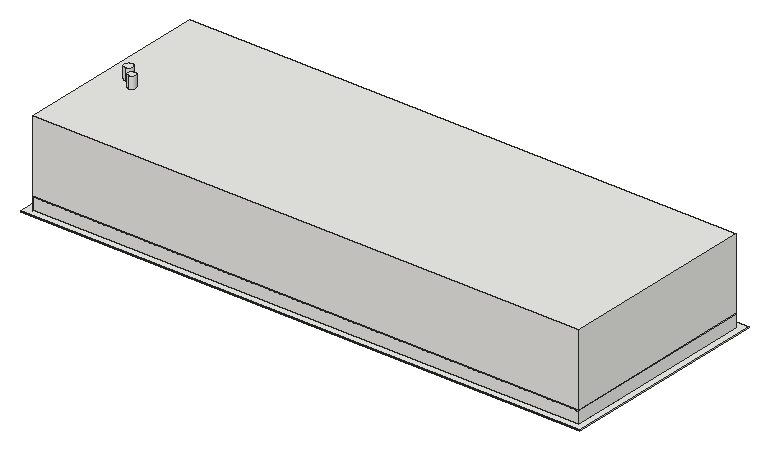
Revit family "AIRTECNICS_AIR CURTAIN_RECESSED WINDBOX_MG_DX_(MIDEA)_0", category Mechanical Equipment, Revit 2016 (continued)
Definition of nested family "GEOM_WINDBOX_P_RECESSED_DX"
  Automatic sketch dimensions
    Extrusion 39 sketch curve to Extrusion 39 sketch curve = 3.961 mm
    Extrusion 39 sketch curve to Extrusion 39 sketch curve = 2.97 mm
    Extrusion 39 sketch curve to Extrusion 39 sketch curve = 2.975 mm
    Extrusion 39 sketch curve to Extrusion 39 sketch curve = 0.557 mm
    Extrusion 39 sketch curve to Extrusion 39 sketch curve = 4.0 mm
    Extrusion 39 sketch curve to Extrusion 39 sketch curve = 3.966 mm
    Extrusion 39 sketch curve to Extrusion 39 sketch curve = 0.0 mm  (x2)
    Extrusion 38 sketch curve to Extrusion 38 sketch curve = 25.946 mm
    Extrusion 38 sketch curve to Extrusion 38 sketch curve = 2.037 mm
    Extrusion 38 sketch curve to Extrusion 38 sketch curve = 2.578 mm
    Extrusion 38 sketch curve to Extrusion 38 sketch curve = 2.611 mm
    Extrusion 38 sketch curve to Extrusion 38 sketch curve = 23.162 mm
    Extrusion 39 sketch curve to Extrusion 39 sketch curve = 25.946 mm
    Extrusion 39 sketch curve to Extrusion 39 sketch curve = 2.037 mm
    Extrusion 39 sketch curve to Extrusion 39 sketch curve = 2.578 mm
    Extrusion 39 sketch curve to Extrusion 39 sketch curve = 2.611 mm
    Extrusion 39 sketch curve to Extrusion 39 sketch curve = 23.162 mm
    Extrusion 37 sketch curve to Extrusion 37 sketch curve = 74.0 mm
    Extrusion 37 sketch curve to Extrusion 37 sketch curve = 43.504 mm
    Extrusion 27 sketch curve to Extrusion 27 sketch curve = 74.0 mm
    Extrusion 27 sketch curve to Extrusion 27 sketch curve = 43.504 mm
    Extrusion 30 sketch curve to Extrusion 30 sketch curve = 74.0 mm
    Extrusion 30 sketch curve to Extrusion 30 sketch curve = 43.504 mm
    Extrusion 4 sketch curve to plane 11 = 0.0 mm
    Extrusion 7 sketch curve to plane 3 "Centro (Izquierda/Derecha)" = 0.0 mm
    plane 8 to Extrusion 11 sketch curve = 0.0 mm
    Extrusion 11 sketch curve to plane 24 = 0.0 mm
    Extrusion 11 sketch curve to plane 4 = 0.0 mm
    Extrusion 11 sketch curve to plane 8 = 10.0 mm
    Extrusion 12 sketch curve to plane 24 = 0.0 mm
    Extrusion 12 sketch curve to plane 4 = 0.0 mm
    Extrusion 12 sketch curve to plane 7 = 0.0 mm
    Extrusion 12 sketch curve to plane 7 = 10.0 mm
    Sweep 19 sketch curve to profile plane = 0.0 mm
    Sweep 19 sketch curve to Sweep 19 sketch curve = 0.0 mm  (x2)
    plane 24 to Extrusion 20 sketch curve = 20.494 mm  (x2)
    Extrusion 20 sketch curve to plane 11 = 41.908 mm
    plane 24 to Extrusion 20 sketch curve = 1.964 mm  (x6)
    Extrusion 20 sketch curve to Extrusion 20 sketch curve = 3.179 mm
    Extrusion 20 sketch curve to Extrusion 20 sketch curve = 1.478 mm  (x3)
    Extrusion 20 sketch curve to Extrusion 20 sketch curve = 4.657 mm  (x5)
    Extrusion 20 sketch curve to Extrusion 20 sketch curve = 16.188 mm
    Extrusion 20 sketch curve to plane 11 = 13.228 mm
    plane 11 to Extrusion 20 sketch curve = 9.843 mm
    plane 11 to Extrusion 20 sketch curve = 13.022 mm
    Extrusion 20 sketch curve to Extrusion 20 sketch curve = 0.254 mm  (x3)
    Extrusion 20 sketch curve to Extrusion 20 sketch curve = 18.53 mm
    Extrusion 20 sketch curve to Extrusion 20 sketch curve = 0.0 mm
    Extrusion 20 sketch curve to Extrusion 20 sketch curve = 0.799 mm  (x3)
    plane 1 "Centro (Frontal/Posterior)" to Extrusion 24 sketch curve = 21.764 mm
    Extrusion 24 sketch curve to plane 11 = 43.471 mm
    plane 24 to Extrusion 24 sketch curve = 3.073 mm
    Extrusion 24 sketch curve to Extrusion 24 sketch curve = 3.028 mm
    Extrusion 24 sketch curve to Extrusion 24 sketch curve = 3.961 mm
    Extrusion 24 sketch curve to Extrusion 24 sketch curve = 2.97 mm
    plane 24 to Extrusion 24 sketch curve = 0.496 mm
    Extrusion 24 sketch curve to plane 11 = 11.527 mm
    Extrusion 24 sketch curve to plane 11 = 9.49 mm
    plane 24 to Extrusion 24 sketch curve = 3.107 mm
    Extrusion 24 sketch curve to Extrusion 24 sketch curve = 2.975 mm
    Extrusion 24 sketch curve to Extrusion 24 sketch curve = 0.557 mm
    Extrusion 24 sketch curve to Extrusion 24 sketch curve = 4.0 mm
    Extrusion 24 sketch curve to Extrusion 24 sketch curve = 3.966 mm
    Extrusion 24 sketch curve to Extrusion 24 sketch curve = 0.0 mm  (x2)
    plane 1 "Centro (Frontal/Posterior)" to Extrusion 45 sketch curve = 21.764 mm
    Extrusion 45 sketch curve to plane 11 = 43.471 mm
    plane 24 to Extrusion 45 sketch curve = 3.073 mm
    Extrusion 45 sketch curve to Extrusion 45 sketch curve = 3.028 mm
    Extrusion 45 sketch curve to Extrusion 45 sketch curve = 3.961 mm
    Extrusion 45 sketch curve to Extrusion 45 sketch curve = 2.97 mm
    plane 24 to Extrusion 45 sketch curve = 0.496 mm
    Extrusion 45 sketch curve to plane 11 = 11.527 mm
    Extrusion 45 sketch curve to plane 11 = 9.49 mm
    plane 24 to Extrusion 45 sketch curve = 3.107 mm
    Extrusion 45 sketch curve to Extrusion 45 sketch curve = 2.975 mm
    Extrusion 45 sketch curve to Extrusion 45 sketch curve = 0.557 mm
    Extrusion 45 sketch curve to Extrusion 45 sketch curve = 4.0 mm
    Extrusion 45 sketch curve to Extrusion 45 sketch curve = 3.966 mm
    Extrusion 45 sketch curve to Extrusion 45 sketch curve = 0.0 mm  (x2)
    Extrusion 46 sketch curve to Extrusion 46 sketch curve = 0.0 mm  (x40)
    level to Extrusion 46 sketch curve = 0.881 mm  (x10)
    plane 20 to Extrusion 46 sketch curve = 4.0 mm
    plane 24 to Extrusion 46 sketch curve = 0.179 mm  (x10)
    Extrusion 46 sketch curve to Extrusion 46 sketch curve = 0.07 mm  (x10)
    plane 20 to Extrusion 46 sketch curve = 4.744 mm
    plane 24 to Extrusion 46 sketch curve = 2.811 mm  (x10)
    Extrusion 46 sketch curve to plane 13 = 7.561 mm
    plane 24 to Extrusion 46 sketch curve = 1.787 mm  (x10)
    plane 13 to Extrusion 46 sketch curve = 6.25 mm
    plane 13 to Extrusion 46 sketch curve = 6.4 mm
    Extrusion 46 sketch curve to Extrusion 46 sketch curve = 0.594 mm  (x8)
    Extrusion 46 sketch curve to Extrusion 46 sketch curve = 0.8 mm  (x12)
    plane 13 to Extrusion 46 sketch curve = 7.7 mm
    Extrusion 46 sketch curve to Extrusion 46 sketch curve = 1.007 mm  (x8)
    Extrusion 46 sketch curve to Extrusion 46 sketch curve = 1.3 mm  (x8)
    Extrusion 46 sketch curve to Extrusion 46 sketch curve = 8.369 mm  (x9)
    Extrusion 46 sketch curve to Extrusion 46 sketch curve = 13.01 mm  (x7)
    Extrusion 46 sketch curve to Extrusion 46 sketch curve = 0.08 mm  (x7)
    plane 24 to Extrusion 46 sketch curve = 14.344 mm  (x9)
    plane 24 to Extrusion 46 sketch curve = 13.319 mm  (x9)
    Extrusion 46 sketch curve to Extrusion 46 sketch curve = 0.5 mm  (x2)
    Extrusion 46 sketch curve to Extrusion 46 sketch curve = 13.961 mm  (x2)
    Extrusion 46 sketch curve to Extrusion 46 sketch curve = 0.999 mm
    Extrusion 46 sketch curve to Extrusion 46 sketch curve = 1.743 mm
    Extrusion 46 sketch curve to Extrusion 46 sketch curve = 0.658 mm
    Extrusion 46 sketch curve to Extrusion 46 sketch curve = 8.732 mm  (x10)
    plane 7 to Extrusion 47 sketch curve = 2.0 mm
    plane 8 to Extrusion 47 sketch curve = 2.0 mm
    plane 20 to Extrusion 47 sketch curve = 1.976 mm
    Extrusion 47 sketch curve to plane 5 = 486.1 mm
    Extrusion 2 sketch curve to plane 11 = 55.1 mm
    plane 7 to Extrusion 21 sketch curve = 1.0 mm
    plane 8 to Extrusion 21 sketch curve = 1.0 mm
    Extrusion 5 sketch curve to plane 3 "Centro (Izquierda/Derecha)" = 0.0 mm
    Extrusion 5 sketch curve to plane 11 = 0.0 mm
    plane 1 "Centro (Frontal/Posterior)" to Extrusion 23 sketch curve = 4.0 mm
    Extrusion 23 sketch curve to plane 11 = 42.0 mm
    Extrusion 25 sketch curve to plane 11 = 43.471 mm
    plane 24 to Extrusion 25 sketch curve = 0.496 mm
    Extrusion 26 sketch curve to plane 11 = 43.471 mm
    plane 24 to Extrusion 26 sketch curve = 0.496 mm
    Extrusion 18 sketch curve to plane 7 = 25.0 mm
    Extrusion 16 sketch curve to plane 17 "P2-01" = 0.0 mm
    Extrusion 16 sketch curve to plane 19 "P2-03" = 0.0 mm
    Extrusion 17 sketch curve to plane 14 = 0.0 mm
    Extrusion 17 sketch curve to plane 15 "P1-01" = 0.0 mm
Types (8, lengths in mm): name | Weight | Product Size | Product Reference | Product Description | Power Fans | Noise Level (dB(A)) | M | Length | Heating Capacity | Gas Coil Volume | G | External Ut. Reference | DX Coil Rows = 4 | DX Coil Rows = 3 | DX Coil Rows | Current Fans | L | CT | CR | CM | Apparent Load | Airflow
  WINDBOX RECG 2500 DX29/2-MD | 163.00 kg | "2500" | "RECG 2500 DX29/2-MD" | "Energy saving heat pump air curtain: Up to 70% reduction in costs and CO2 emissions (heating mode).\r\nSelf-supporting casing construction made of galvanized steel plate, ready to be installed recessed in a false ceiling. \r\nInlet grille (free of maintenance) made with aluminium profiles and blow-out nozzle, integrated in a single white frame colour RAL 9016. Other colours are available on request.  Internal prefilter included.\r\nAnodized aluminium outlet vanes, airfoil shaped, adjustable in both directions.\r\nDouble-inlet centrifugal fans driven by an external rotor motor and low noise level. 5-speed selector. EC models assembled with very low consumption efficiency fans. \r\nIncludes only heating direct expansion coil with installed temperature sensors. Under request it can be modified to work in cooling and heating mode (not recomended) with optional condensate water pump.\r\nIncludes Plug&Play control with 7m RJ45 cable and infrared remote control. \r\nReady to connect to MIDEA Inverter outdoor heat pump unit (R410A) with expansion valve, not included, the customer should purchase it.\r\nRequires MIDEA DX Interface KIT adapted for air curtain and KJR-86C-E programmable control, please consult.\r\nAir Volume: 5110 m3/h \r\nFans:  0,497 kW  4,34 A 230Vx1 50/60Hz\r\nHeating capacity: 28,89 kW\r\nDimensions: 770x310x2550 mm (depth, height, length)\r\nNOT SUPPLIED BY AIRTÈCNICS:\r\nMIDEA Interface DX kit and KJR-86C-E programmable control.\r\nExternal unit:\r\nOption 1: 2x MOD30U-48HFN1-QRD0\r\nExternal unit with direct expansion valve Midea, single phase motor 230Vx1 50Hz.\r\nHeating capacity 16,1kW. Heating power: 4,4kW. COP 3,65.\r\nCooling capacity 14,1kW. Cooling power 5,1kW. EER 2,76.\r\nCooling circuits 5/8\" - 3/8\".\r\nMaximum length 65m.\r\nDesnivell màxim 30m.\r\nOption 2: 2x MOD30U-48HFN1-RRD0\r\nExternal unit with direct expansion valve Midea, triple phase motor 400Vx3 50Hz.\r\nHeating capacity 16,1kW. Heating power: 4,4kW. COP 3,65.\r\nCooling capacity 14,1kW. Cooling power 5,1kW. EER 2,76.\r\nCooling circuits 5/8\" - 3/8\".\r\nMaximum length 65m.\r\nDesnivell màxim 30m." | 0.497 kW | 64 | no | 2550.0 | 28.89 kW | 5.30 L | yes | "2x MOD30U-48HFN1-RRD0" | yes | no | 4 | 4.34 A | 2500.0 | 16 | 2 | 12 | 994 VA | 5110 m³/h
  WINDBOX RECG 2000 DX22/2-MD | 131.00 kg | "2000" | "RECG 2000 DX22/2-MD" | "Energy saving heat pump air curtain: Up to 70% reduction in costs and CO2 emissions (heating mode).\r\nSelf-supporting casing construction made of galvanized steel plate, ready to be installed recessed in a false ceiling. \r\nInlet grille (free of maintenance) made with aluminium profiles and blow-out nozzle, integrated in a single white frame colour RAL 9016. Other colours are available on request.  Internal prefilter included.\r\nAnodized aluminium outlet vanes, airfoil shaped, adjustable in both directions.\r\nDouble-inlet centrifugal fans driven by an external rotor motor and low noise level. 5-speed selector. EC models assembled with very low consumption efficiency fans. \r\nIncludes only heating direct expansion coil with installed temperature sensors. Under request it can be modified to work in cooling and heating mode (not recomended) with optional condensate water pump.\r\nIncludes Plug&Play control with 7m RJ45 cable and infrared remote control. \r\nReady to connect to MIDEA Inverter outdoor heat pump unit (R410A) with expansion valve, not included, the customer should purchase it.\r\nRequires MIDEA DX Interface KIT adapted for air curtain and KJR-86C-E programmable control, please consult.\r\nAir Volume: 4380 m3/h \r\nFans:  0,426 kW  3,72 A 230Vx1 50/60Hz\r\nHeating capacity: 22,20 kW\r\nDimensions: 770x310x2050 mm (depth, height, length)\r\nNOT SUPPLIED BY AIRTÈCNICS:\r\nMIDEA Interface DX kit and KJR-86C-E programmable control.\r\nExternal unit:\r\nOption 1: 2x MOD30U-36HFN1-QRD0\r\nExternal unit with direct expansion valve Midea, single phase motor 230Vx1 50Hz.\r\nHeating capacity 11,1kW. Heating power: 2,9kW. SCOP 3,82.\r\nCooling capacity 10,5kW. Cooling power 3,95kW. SEER 2,65.\r\nCooling circuits 5/8\" - 3/8\".\r\nMaximum length 65m.\r\nDesnivell màxim 30m.\r\nOption 2: 2x MOD30U-36HFN1-RRD0\r\nExternal unit with direct expansion valve Midea, triple phase motor 400Vx3 50Hz.\r\nHeating capacity 11,1kW. Heating power: 2,9kW. SCOP 3,82.\r\nCooling capacity 10,5kW. Cooling power 3,95kW. SEER 2,65.\r\nCooling circuits 5/8\" - 3/8\".\r\nMaximum length 65m.\r\nDesnivell màxim 30m." | 0.426 kW | 63 | no | 2050.0 | 22.2 kW | 4.10 L | yes | "2x MOD30U-36HFN1-RRD0" | yes | no | 4 | 3.72 A | 2000.0 | 8 | 2 | 12 | 852 VA | 4380 m³/h
  WINDBOX RECG 2000 DX18-MD | 131.00 kg | "2000" | "RECG 2000 DX18-MD" | "Energy saving heat pump air curtain: Up to 70% reduction in costs and CO2 emissions (heating mode).\r\nSelf-supporting casing construction made of galvanized steel plate, ready to be installed recessed in a false ceiling. \r\nInlet grille (free of maintenance) made with aluminium profiles and blow-out nozzle, integrated in a single white frame colour RAL 9016. Other colours are available on request.  Internal prefilter included.\r\nAnodized aluminium outlet vanes, airfoil shaped, adjustable in both directions.\r\nDouble-inlet centrifugal fans driven by an external rotor motor and low noise level. 5-speed selector. EC models assembled with very low consumption efficiency fans. \r\nIncludes only heating direct expansion coil with installed temperature sensors. Under request it can be modified to work in cooling and heating mode (not recomended) with optional condensate water pump.\r\nIncludes Plug&Play control with 7m RJ45 cable and infrared remote control. \r\nReady to connect to MIDEA Inverter outdoor heat pump unit (R410A) with expansion valve, not included, the customer should purchase it.\r\nRequires MIDEA DX Interface KIT adapted for air curtain and KJR-86C-E programmable control, please consult.\r\nAir Volume: 4380 m3/h \r\nFans:  0,426 kW  3,72 A 230Vx1 50/60Hz\r\nHeating capacity: 17,60 kW\r\nDimensions: 770x310x2050 mm (depth, height, length)\r\nNOT SUPPLIED BY AIRTÈCNICS:\r\nMIDEA Interface DX kit and KJR-86C-E programmable control.\r\nExternal unit:\r\n MOD30U-55HFN1-RRD0External unit with direct expansion valve Midea, triple phase motor 400Vx3 50Hz.\r\nHeating capacity 17,6kW. Heating power: 5,5kW. COP 3,2.\r\nCooling capacity 16,1kW. Cooling power 6,3kW. EER 2,55.\r\nCooling circuits 5/8\" - 3/8\".\r\nMaximum length 65m.\r\nDesnivell màxim 30m." | 0.426 kW | 63 | no | 2050.0 | 17.6 kW | 3.10 L | yes | "MOD30U-55HFN1-RRD0" | no | yes | 3 | 3.72 A | 2000.0 | 8 | 4 | 12 | 852 VA | 4380 m³/h
  WINDBOX RECG 1500 DX15-MD | 98.00 kg | "1500" | "RECG 1500 DX15-MD" | "Energy saving heat pump air curtain: Up to 70% reduction in costs and CO2 emissions (heating mode).\r\nSelf-supporting casing construction made of galvanized steel plate, ready to be installed recessed in a false ceiling. \r\nInlet grille (free of maintenance) made with aluminium profiles and blow-out nozzle, integrated in a single white frame colour RAL 9016. Other colours are available on request.  Internal prefilter included.\r\nAnodized aluminium outlet vanes, airfoil shaped, adjustable in both directions.\r\nDouble-inlet centrifugal fans driven by an external rotor motor and low noise level. 5-speed selector. EC models assembled with very low consumption efficiency fans. \r\nIncludes only heating direct expansion coil with installed temperature sensors. Under request it can be modified to work in cooling and heating mode (not recomended) with optional condensate water pump.\r\nIncludes Plug&Play control with 7m RJ45 cable and infrared remote control. \r\nReady to connect to MIDEA Inverter outdoor heat pump unit (R410A) with expansion valve, not included, the customer should purchase it.\r\nRequires MIDEA DX Interface KIT adapted for air curtain and KJR-86C-E programmable control, please consult.\r\nAir Volume: 2820 m3/h \r\nFans:  0,284 kW  2,48 A 230Vx1 50/60Hz\r\nHeating capacity: 15,32 kW\r\nDimensions: 770x310x1550 mm (depth, height, length)\r\nNOT SUPPLIED BY AIRTÈCNICS:\r\nMIDEA Interface DX kit and KJR-86C-E programmable control.\r\nExternal unit:\r\nOption 1: MOD30U-48HFN1-QRD0\r\nExternal unit with direct expansion valve Midea, single phase motor 230Vx1 50Hz.\r\nHeating capacity 16,1kW. Heating power: 4,4kW. COP 3,65.\r\nCooling capacity 14,1kW. Cooling power 5,1kW. EER 2,76.\r\nCooling circuits 5/8\" - 3/8\".\r\nMaximum length 65m.\r\nDesnivell màxim 30m.\r\nOption 2: MOD30U-48HFN1-RRD0\r\nExternal unit with direct expansion valve Midea, triple phase motor 400Vx3 50Hz.\r\nHeating capacity 16,1kW. Heating power: 4,4kW. COP 3,65.\r\nCooling capacity 14,1kW. Cooling power 5,1kW. EER 2,76.\r\nCooling circuits 5/8\" - 3/8\".\r\nMaximum length 65m.\r\nDesnivell màxim 30m." | 0.284 kW | 62 | no | 1550.0 | 15.32 kW | 3.00 L | yes | "MOD30U-48HFN1-RRD0" | yes | no | 4 | 2.48 A | 1500.0 | 4 | 2 | 12 | 568 VA | 2920 m³/h
  WINDBOX RECG 1000 DX10-MD | 67.00 kg | "1000" | "RECG 1000 DX10-MD" | "Energy saving heat pump air curtain: Up to 70% reduction in costs and CO2 emissions (heating mode).\r\nSelf-supporting casing construction made of galvanized steel plate, ready to be installed recessed in a false ceiling. \r\nInlet grille (free of maintenance) made with aluminium profiles and blow-out nozzle, integrated in a single white frame colour RAL 9016. Other colours are available on request.  Internal prefilter included.\r\nAnodized aluminium outlet vanes, airfoil shaped, adjustable in both directions.\r\nDouble-inlet centrifugal fans driven by an external rotor motor and low noise level. 5-speed selector. EC models assembled with very low consumption efficiency fans. \r\nIncludes only heating direct expansion coil with installed temperature sensors. Under request it can be modified to work in cooling and heating mode (not recomended) with optional condensate water pump.\r\nIncludes Plug&Play control with 7m RJ45 cable and infrared remote control. \r\nReady to connect to MIDEA Inverter outdoor heat pump unit (R410A) with expansion valve, not included, the customer should purchase it.\r\nRequires MIDEA DX Interface KIT adapted for air curtain and KJR-86C-E programmable control, please consult.\r\nAir Volume: 2190 m3/h \r\nFans:  0,213 kW  1,86 A 230Vx1 50/60Hz\r\nHeating capacity: 9,70 kW\r\nDimensions: 770x310x1050 mm (depth, height, length)\r\nNOT SUPPLIED BY AIRTÈCNICS:\r\nMIDEA Interface DX kit and KJR-86C-E programmable control.\r\nExternal unit:\r\nOption 1: MOD30U-36HFN1-QRD0\r\nExternal unit with direct expansion valve Midea, single phase motor 230Vx1 50Hz.\r\nHeating capacity 11,1kW. Heating power: 2,9kW. SCOP 3,82.\r\nCooling capacity 10,5kW. Cooling power 3,95kW. SEER 2,65.\r\nCooling circuits 5/8\" - 3/8\".\r\nMaximum length 65m.\r\nDesnivell màxim 30m.\r\nOption 2: MOD30U-36HFN1-RRD0\r\nExternal unit with direct expansion valve Midea, triple phase motor 400Vx3 50Hz.\r\nHeating capacity 11,1kW. Heating power: 2,9kW. SCOP 3,82.\r\nCooling capacity 10,5kW. Cooling power 3,95kW. SEER 2,65.\r\nCooling circuits 5/8\" - 3/8\".\r\nMaximum length 65m.\r\nDesnivell màxim 30m." | 0.213 kW | 61 | no | 1050.0 | 9.7 kW | 1.80 L | yes | "MOD30U-36HFN1-RRD0" | yes | no | 4 | 1.86 A | 1000.0 | 2 | 2 | 12 | 426 VA | 2190 m³/h
  WINDBOX RECM 2000 DX16-MD | 122.00 kg | "2000" | "RECM 2000 DX16-MD" | "Energy saving heat pump air curtain: Up to 70% reduction in costs and CO2 emissions (heating mode).\r\nSelf-supporting casing construction made of galvanized steel plate, ready to be installed recessed in a false ceiling. \r\nInlet grille (free of maintenance) made with aluminium profiles and blow-out nozzle, integrated in a single white frame colour RAL 9016. Other colours are available on request.  Internal prefilter included.\r\nAnodized aluminium outlet vanes, airfoil shaped, adjustable in both directions.\r\nDouble-inlet centrifugal fans driven by an external rotor motor and low noise level. 5-speed selector. EC models assembled with very low consumption efficiency fans. \r\nIncludes only heating direct expansion coil with installed temperature sensors. Under request it can be modified to work in cooling and heating mode (not recomended) with optional condensate water pump.\r\nIncludes Plug&Play control with 7m RJ45 cable and infrared remote control. \r\nReady to connect to MIDEA Inverter outdoor heat pump unit (R410A) with expansion valve, not included, the customer should purchase it.\r\nRequires MIDEA DX Interface KIT adapted for air curtain and KJR-86C-E programmable control, please consult.\r\nAir Volume: 3280 m3/h \r\nFans:  0,284 kW  2,48 A 230Vx1 50/60Hz\r\nHeating capacity: 16,10 kW\r\nDimensions: 770x310x2050 mm (depth, height, length)\r\nNOT SUPPLIED BY AIRTÈCNICS:\r\nMIDEA Interface DX kit and KJR-86C-E programmable control.\r\nExternal unit:\r\nOption 1: MOD30U-48HFN1-QRD0\r\nExternal unit with direct expansion valve Midea, single phase motor 230Vx1 50Hz.\r\nHeating capacity 16,1kW. Heating power: 4,4kW. COP 3,65.\r\nCooling capacity 14,1kW. Cooling power 5,1kW. EER 2,76.\r\nCooling circuits 5/8\" - 3/8\".\r\nMaximum length 65m.\r\nDesnivell màxim 30m.\r\nOption 2: MOD30U-48HFN1-RRD0\r\nExternal unit with direct expansion valve Midea, triple phase motor 400Vx3 50Hz.\r\nHeating capacity 16,1kW. Heating power: 4,4kW. COP 3,65.\r\nCooling capacity 14,1kW. Cooling power 5,1kW. EER 2,76.\r\nCooling circuits 5/8\" - 3/8\".\r\nMaximum length 65m.\r\nDesnivell màxim 30m." | 0.284 kW | 58 | yes | 2050.0 | 16.1 kW | 3.10 L | no | "MOD30U-48HFN1-RRD0" | no | yes | 3 | 2.48 A | 2000.0 | 8 | 4 | 6 | 568 VA | 3280 m³/h
  WINDBOX RECM 1500 DX11-MD | 93.00 kg | "1500" | "RECM 1500 DX11-MD" | "Energy saving heat pump air curtain: Up to 70% reduction in costs and CO2 emissions (heating mode).\r\nSelf-supporting casing construction made of galvanized steel plate, ready to be installed recessed in a false ceiling. \r\nInlet grille (free of maintenance) made with aluminium profiles and blow-out nozzle, integrated in a single white frame colour RAL 9016. Other colours are available on request.  Internal prefilter included.\r\nAnodized aluminium outlet vanes, airfoil shaped, adjustable in both directions.\r\nDouble-inlet centrifugal fans driven by an external rotor motor and low noise level. 5-speed selector. EC models assembled with very low consumption efficiency fans. \r\nIncludes only heating direct expansion coil with installed temperature sensors. Under request it can be modified to work in cooling and heating mode (not recomended) with optional condensate water pump.\r\nIncludes Plug&Play control with 7m RJ45 cable and infrared remote control. \r\nReady to connect to MIDEA Inverter outdoor heat pump unit (R410A) with expansion valve, not included, the customer should purchase it.\r\nRequires MIDEA DX Interface KIT adapted for air curtain and KJR-86C-E programmable control, please consult.\r\nAir Volume: 2460 m3/h \r\nFans:  0,213 kW  1,86 A 230Vx1 50/60Hz\r\nHeating capacity: 11,10 kW\r\nDimensions: 770x310x1550 mm (depth, height, length)\r\nNOT SUPPLIED BY AIRTÈCNICS:\r\nMIDEA Interface DX kit and KJR-86C-E programmable control.\r\nExternal unit:\r\nOption 1: MOD30U-36HFN1-QRD0\r\nExternal unit with direct expansion valve Midea, single phase motor 230Vx1 50Hz.\r\nHeating capacity 11,1kW. Heating power: 2,9kW. SCOP 3,82.\r\nCooling capacity 10,5kW. Cooling power 3,95kW. SEER 2,65.\r\nCooling circuits 5/8\" - 3/8\".\r\nMaximum length 65m.\r\nDesnivell màxim 30m.\r\nOption 2: MOD30U-36HFN1-RRD0\r\nExternal unit with direct expansion valve Midea, triple phase motor 400Vx3 50Hz.\r\nHeating capacity 11,1kW. Heating power: 2,9kW. SCOP 3,82.\r\nCooling capacity 10,5kW. Cooling power 3,95kW. SEER 2,65.\r\nCooling circuits 5/8\" - 3/8\".\r\nMaximum length 65m.\r\nDesnivell màxim 30m." | 0.213 kW | 57 | yes | 1550.0 | 11.1 kW | 2.20 L | no | "MOD30U-36HFN1-RRD0" | no | yes | 3 | 1.86 A | 1500.0 | 4 | 4 | 6 | 426 VA | 2460 m³/h
  WINDBOX RECM 1000 DX7-MD | 63.00 kg | "1000" | "RECM 1000 DX7-MD" | "Energy saving heat pump air curtain: Up to 70% reduction in costs and CO2 emissions (heating mode).\r\nSelf-supporting casing construction made of galvanized steel plate, ready to be installed recessed in a false ceiling. \r\nInlet grille (free of maintenance) made with aluminium profiles and blow-out nozzle, integrated in a single white frame colour RAL 9016. Other colours are available on request.  Internal prefilter included.\r\nAnodized aluminium outlet vanes, airfoil shaped, adjustable in both directions.\r\nDouble-inlet centrifugal fans driven by an external rotor motor and low noise level. 5-speed selector. EC models assembled with very low consumption efficiency fans. \r\nIncludes only heating direct expansion coil with installed temperature sensors. Under request it can be modified to work in cooling and heating mode (not recomended) with optional condensate water pump.\r\nIncludes Plug&Play control with 7m RJ45 cable and infrared remote control. \r\nReady to connect to MIDEA Inverter outdoor heat pump unit (R410A) with expansion valve, not included, the customer should purchase it.\r\nRequires MIDEA DX Interface KIT adapted for air curtain and KJR-86C-E programmable control, please consult.\r\nAir Volume: 1640 m3/h \r\nFans:  0,142 kW  1,24 A 230Vx1 50/60Hz\r\nHeating capacity: 6,74 kW\r\nDimensions: 770x310x1050 mm (depth, height, length)\r\nNOT SUPPLIED BY AIRTÈCNICS:\r\nMIDEA Interface DX kit and KJR-86C-E programmable control.\r\nExternal unit:\r\n MOCA30U-24HFN1-QRD0\r\nExternal unit with direct expansion valve Midea, single phase motor 230Vx1 50Hz.\r\nHeating capacity 7,6kW. Heating power: 1,8kW. SCOP 4,22.\r\nCooling capacity 7kW. Cooling power 2,1kW. SEER 3,28.\r\nCooling circuits 5/8\" - 3/8\".\r\nMaximum length 50m.\r\nDesnivell màxim 25m." | 0.142 kW | 56 | yes | 1050.0 | 6.74 kW | 1.40 L | no | "Only Single Phase" | no | yes | 3 | 1.24 A | 1000.0 | 2 | 4 | 6 | 145 VA | 1640 m³/h
